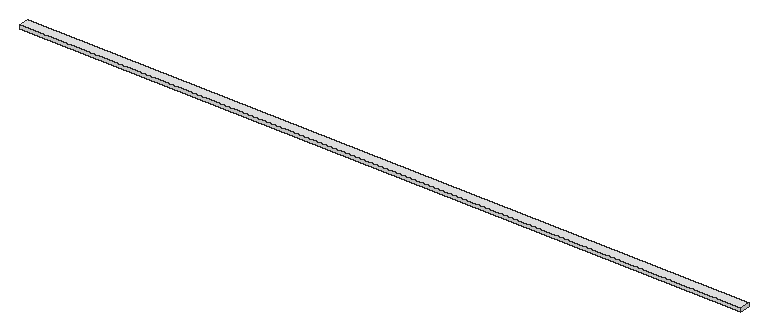
Revit family "Lighting-Linear-Acclaim-Flex One HO Interior", category Lighting Fixtures, host Face, Revit 2015
Parameters (values of type "Flex One HO Interior")
  Width = 0' - 0 15/32"
  Voltage = 0 V
  URL = "http://www.acclaimlighting.com/"
  Power Factor = 1
  Number of Poles = 1
  Model = "Flex One HO Interior"
  Manufacturer = "Acclaim Lighting"
  Length = 3' - 0"
  Lamp = "LED"
  Housing Finish = Aluminum
  Height = 0' - 0 23/128"
  Description = "Linear Graze Lighting"
  Default Elevation = 4' - 0"
  Apparent Load = 0 VA
Reference planes (in)
  plane 1 "Center (Front/Back)": y = 0
  plane 2: z = 0
  plane 3 "Center (Left/Right)": x = 0
  plane 4: x = -18
  plane 5: x = 18
  plane 6: x = -2.86874
  plane 7: x = -2.08749
  plane 8: x = 2.06876
  plane 9: x = 2.85001
  plane 10: z = 0.17969
  plane 11: y = 0.23437
  plane 12: y = -0.23438
Forms (in)
  Extrusion 1, solid, material "Aluminum"
    sketch origin (0, 0, 0) x (1, 0, 0) y (0, 1, 0)
      loop
        line (-18, 0.23437) -> (-18, -0.23438) -> (18, -0.23438) -> (18, 0.23437) -> (-18, 0.23437)
    from 0 to 0.17969
Dimensions and locks (in)
  equal spacing: plane 5, plane 3 "Center (Left/Right)", plane 4
  "Length": plane 5 to plane 4
  equal spacing: plane 11, plane 1 "Center (Front/Back)", plane 12
  "Width": plane 11 to plane 12
  equal spacing: plane 4, plane 3 "Center (Left/Right)", plane 5
  plane 4 to plane 5 = 3' - 0"
  "Height": plane 10 to host face
  aligned and locked: plane 2 to host face
  aligned and locked: level to host face
  aligned and locked: plane 5 to Extrusion 1
  aligned and locked: Extrusion 1 to plane 4
  aligned and locked: plane 10 to Extrusion 1
Automatic sketch dimensions
  host sketch curve to host sketch curve = 8' - 0"  (x2)
  plane 12 to Extrusion 1 sketch curve = 0' - 0"
  plane 11 to Extrusion 1 sketch curve = 0' - 0"
  Extrusion 1 sketch curve to plane 6 = 1' - 3.13126"
  plane 9 to Extrusion 1 sketch curve = 1' - 3.14999"
